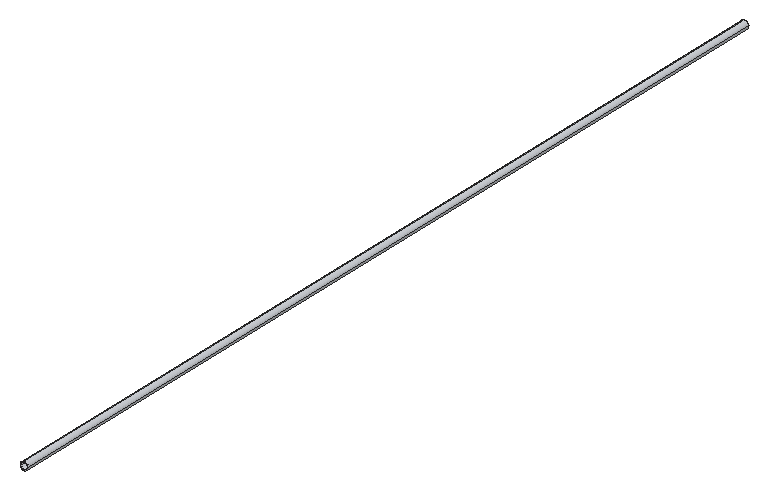
Revit family "GC32", category Generic Models, Revit 2017
Family settings
  Can host rebar = No
  Round Connector Dimension = Use Diameter
  Part Type = Normal
  Work Plane-Based = Yes
  Always vertical = No
  Cut with Voids When Loaded = No
  Shared = No
  Room Calculation Point = No
Parameters (values of type "NBS Standard Parameters")
  Weight = "4.23Kg"
  WarrantyStartDate [instance] = "1900-12-31T23:59:59"
  WarrantyGuarantorParts = "n/a"
  WarrantyGuarantorLabor = "n/a"
  WarrantyDurationUnit = "1 year"
  WarrantyDurationParts = "n/a"
  WarrantyDurationLabor = "n/a"
  WarrantyDescription = "n/a"
  Version = "1"
  Uniclass2 = "Pr_65_70_11_71"
  TagNumber [instance] = "n/a"
  SustainabilityPerformance = "n/a"
  Size = "32mm"
  Shape = "Circular"
  SerialNumber [instance] = "n/a"
  Revision = ""
  ReplacementCost = "n/a"
  ProductInformation = "www.metpro.co.uk/pdf/gc32.pdf"
  NominalWidth = 32 mm
  NominalLength = 3750 mm
  NominalHeight = 32 mm
  Name = ""
  NBSTypeID = ""
  NBSReference = "90-55-10/380"
  NBSOfficeMasterTag = ""
  NBSNote = ""
  NBSDescription = "Rigid Conduit"
  NBSCertification = ""
  ModelReference = "GC32"
  ModelNumber = "n/a"
  Material = "Steel"
  ManufacturerURL = "www.metpro.co.uk"
  ManufacturerName = "Metpro Ltd"
  Keynote = "Conforms to BS EN61386-1"
  InstallationDate [instance] = "1900-12-31T23:59:59"
  IfcExportType = ""
  IfcExportAs = ""
  Grade = "n/a"
  Finish = "Hot Dipped Galvanised Class 4"
  Features = "n/a"
  ExpectedLife = "n/a"
  DurationUnit = "year"
  Description = "GC32  - 32mm Conduit 3.75 mtr Length"
  Default Elevation = 1219.2 mm
  Constituents = "n/a"
  Color = "n/a"
  CodePerformance = "n/a"
  Category = "n/a"
  BarCode [instance] = "n/a"
  BIMObjectName = "Metpro_metprolibrary_rigidconduit_metal_class4"
  Author = "Metpro Limited"
  AssetType = ""
  AssetIdentifier [instance] = "n/a"
  AccessibilityPerformance = "n/a"
Reference planes
  plane 1 "Center (Front/Back)": y = 0
  plane 2: z = 0
  plane 3 "Center (Left/Right)": x = 0
Forms (mm)
  Extrusion 1, solid
    sketch origin (45.995, 1877.942, 144.652) x (-1, 0, 0) y (0, 0, -1)
      loop
        circle (33.495, -15) r 16
      loop
        circle (33.495, -15) r 14.4
    from 0 to 3750
Dimensions and locks
  aligned and locked: level to plane 2
